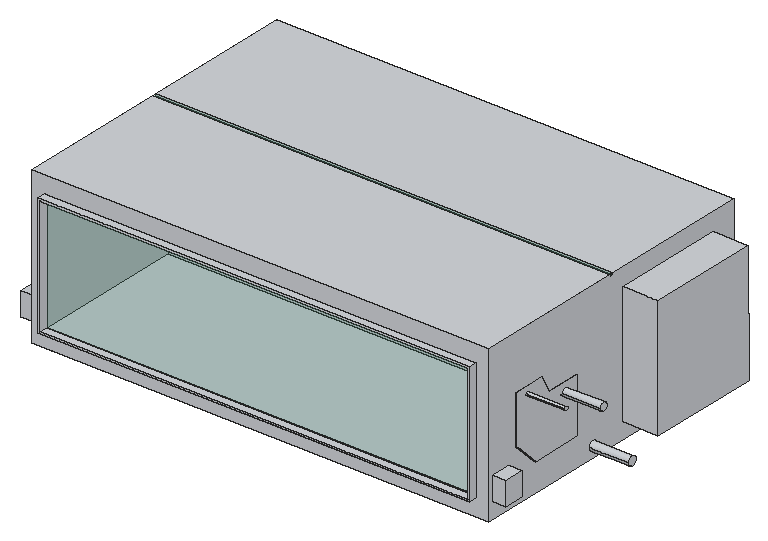
Revit family "EU_VRF_IDU_OAP_DUCT_M", category Mechanical Equipment, Revit 2015
Parameters (values of type "28.00 kW, 220-240V, BIG DUCT")
  Voltage [instance] = "220~240 V"
  URL = "www.samsung.com"
  Total Heating Capacity [instance] = 17.4 W
  Total Cooling Capacity [instance] = 28 W
  System Served [instance] = ""
  Supply Air Connection Width [instance] = 0.00 mm
  Supply Air Connection Offset Bottom [instance] = 0.00 mm
  Supply Air Connection Height [instance] = 0.00 mm
  Subscribe for Update Alerts [instance] = ""
  Sound Pressure Middle [instance] = ""
  Sound Pressure Low [instance] = ""
  Sound Pressure High [instance] = "47.00 dB(A)"
  Sound Power Cooling [instance] = "69.00 dB(A)"
  Serial Number [instance] = ""
  Sensible Cooling Capacity [instance] = 0 W
  Sales Rep Locator [instance] = ""
  Return Air Connection Width [instance] = 0.00 mm
  Return Air Connection Offset Bottom [instance] = 0.00 mm
  Return Air Connection Height [instance] = 0.00 mm
  Refrigerant Type [instance] = "R410A"
  Refrigerant Suction Gas Connection Radius [instance] = 11.11 mm
  Refrigerant Suction Gas Connection Offset Left [instance] = 0.00 mm
  Refrigerant Suction Gas Connection Offset Bottom [instance] = 0.00 mm
  Refrigerant Suction Gas Connection Diameter [instance] = 22.22 mm
  Refrigerant Liquid Connection Radius [instance] = 4.76 mm
  Refrigerant Liquid Connection Offset Left [instance] = 0.00 mm
  Refrigerant Liquid Connection Offset Bottom [instance] = 0.00 mm
  Refrigerant Liquid Connection Diameter [instance] = 9.52 mm
  Product Page URL [instance] = ""
  Product Documentation Link [instance] = ""
  Power Supply [instance] = "50 Hz"
  Power Input Heating [instance] = 600 W
  Power Input Cooling [instance] = 600 W
  Power Connection Offset Left [instance] = 0.00 mm
  Power Connection Offset Bottom [instance] = 0.00 mm
  Phase [instance] = 1
  Panel model [instance] = ""
  Panel Net Weight(kg) [instance] = ""
  Panel Net Dimensions Width [instance] = 0.00 mm
  Panel Net Dimensions Height [instance] = 0.00 mm
  Panel Net Dimensions Depth [instance] = 0.00 mm
  Number of poles [instance] = ""
  Notes [instance] = ""
  Net Weight(kg) [instance] = "81.50 kg"
  Net Dimensions Width [instance] = 1360.00 mm
  Net Dimensions Height [instance] = 460.00 mm
  Net Dimensions Depth [instance] = 910.00 mm
  Motor Ouput [instance] = 630 W
  Model = "AM280MNEPEH/EU"
  Maximum Rated Over Protection Device [instance] = "Fuse"
  Manufacturer Metadata [instance] = ""
  Manufacturer = "SAMSUNG"
  Location [instance] = ""
  Liquid Pipe [instance] = 9.52 mm
  Heating Leaving Dry Bulb Temperature [instance] = 0 °C
  Heating Entering Dry Bulb Temperature [instance] = 7 °C
  Free Content Downloads [instance] = ""
  Family Load Status [instance] = "Valid - Type loaded via type catalog"
  External Static Pressure [instance] = "20.40 mmaq"
  Equipment Finish [instance] = Molded case
  Drain Pipe [instance] = 25.00 mm
  Designation [instance] = ""
  Design Heating Air Flow Minimum [instance] = "0.00 CMM"
  Design Heating Air Flow Maximum [instance] = "0.00 CMM"
  Design Cooling Air Flow Minimum [instance] = "0.00 CMM"
  Design Cooling Air Flow Maximum [instance] = "35.00 CMM"
  Design Ambient Winter Wet Bulb Temperature [instance] = 6 °C
  Design Ambient Winter Dry Bulb Temperature [instance] = 7 °C
  Design Ambient Summer Dry Bulb Temperature [instance] = 35 °C
  Decoration Panel Finish [instance] = Ivory
  Current Input Heating [instance] = 4.6 A
  Current Input Cooling [instance] = 4.6 A
  Cooling Leaving Wet Bulb Temperature [instance] = 0 °C
  Cooling Leaving Dry Bulb Temperature [instance] = 0 °C
  Cooling Entering Wet Bulb Temperature [instance] = 27 °C
  Cooling Entering Dry Bulb Temperature [instance] = 35 °C
  Conduit for power supply & communication wiring [instance] = "0.00 mm"
  Condensate Drain Connection Radius [instance] = 12.50 mm
  Condensate Drain Connection Offset left [instance] = 0.00 mm
  Condensate Drain Connection Offset Bottom [instance] = 0.00 mm
  Condensate Drain Connection Diameter [instance] = 25.00 mm
  Clearance Type [instance] = Include Clearance : Include Clearance
  Clearance Offset Top [instance] = 0.00 mm
  Clearance Offset Right [instance] = 0.00 mm
  Clearance Offset Left [instance] = 0.00 mm
  Clearance Offset Front [instance] = 0.00 mm
  Clearance Offset Bottom [instance] = 0.00 mm
  Clearance Offset Back [instance] = 0.00 mm
  Actual Ventilation Air Flow [instance] = "0.00 CMM"
  Actual Supply Air Flow [instance] = "0.00 CMM"
  Actual Return Air Flow [instance] = "0.00 CMM"
  Actual Air Flow Imbalance [instance] = "0.00 CMM"
Types (3, lengths in mm): name | Total Heating Capacity | Total Cooling Capacity | Sound Pressure High | Sound Power Cooling | Refrigerant Suction Gas Connection Radius | Refrigerant Suction Gas Connection Diameter | Refrigerant Liquid Connection Diameter | Power Input Heating | Power Input Cooling | Model | External Static Pressure | Design Cooling Air Flow Maximum | Current Input Heating | Current Input Cooling
  (no name) | 17.4 W | 28 W | "47.00 dB(A)" | "69.00 dB(A)" | 11.11 | 22.22 | 9.52 | 600 W | 600 W | "AM280MNEPEH/EU" | "20.40 mmaq" | "35.00 CMM" | 4.6 A | 4.6 A
  22.40 kW, 220-240V, BIG DUCT | 13.9 W | 22.4 W | "46.00 dB(A)" | "66.00 dB(A)" | 9.53 | 19.05 | 9.53 | 450 W | 450 W | "AM220MNEPEH/EU" | "18.40 mmaq" | "28.00 CMM" | 3.5 A | 3.5 A
  28.00 kW, 220-240V, BIG DUCT | 17.4 W | 28 W | "47.00 dB(A)" | "69.00 dB(A)" | 11.11 | 22.22 | 9.52 | 600 W | 600 W | "AM280MNEPEH/EU" | "20.40 mmaq" | "35.00 CMM" | 4.6 A | 4.6 A
Reference planes
  plane 1 "중심(앞/뒤)": y = 0
  plane 2: z = 0
  plane 3 "중심(왼쪽/오른쪽)": x = 0
  plane 4: x = 680
  plane 5: x = -680
  plane 6: y = 455
  plane 7: y = -455
  plane 8: z = 460
  plane 9: y = 446
  plane 10: y = 361
  plane 11: x = 722.5
  plane 12: y = -386
  plane 13: y = -446
  plane 14: x = -722.5
  plane 15: z = 410
  plane 16: z = 50
  plane 17: x = 642
  plane 18: x = -642
  plane 19: x = 642
  plane 20: x = -642
  plane 21: z = 410
  plane 22: z = 50
  plane 23: y = 5
  plane 24: y = -5
  plane 25: y = 40
  plane 26: y = 375
  plane 27: z = 410
  plane 28: z = 50
  plane 29: z = 283.7
  plane 30: z = 226.7
  plane 31: z = 35
  plane 32: y = -46.66
  plane 33: y = -153.285
  plane 34: y = -292.888
Forms (mm)
  Extrusion 1, solid
    sketch origin (0, 0, 0) x (1, 0, 0) y (0, 1, 0)
      loop
        line (-680, 455) -> (-680, -455) -> (680, -455) -> (680, 455) -> (-680, 455)
    from 0 to 460
  Extrusion 2, solid
    sketch origin (0, 0, 0) x (1, 0, 0) y (0, 1, 0)
      loop
        line (680, 446) -> (680, 386) -> (722.5, 386) -> (722.5, 446) -> (680, 446)
      loop
        line (680, -386) -> (680, -446) -> (722.5, -446) -> (722.5, -386) -> (680, -386)
      loop
        line (-680, 446) -> (-722.5, 446) -> (-722.5, 361) -> (-680, 361) -> (-680, 446)
      loop
        line (-680, -386) -> (-722.5, -386) -> (-722.5, -446) -> (-680, -446) -> (-680, -386)
    from 50 to 120
  Extrusion 3, solid
    sketch origin (680, -455, 0) x (-1, 0, 0) y (0, 0, -1)
      loop
        line (1322, -410) -> (1322, -50) -> (38, -50) -> (38, -410) -> (1322, -410)
      loop
        line (1317, -405) -> (1317, -55) -> (43, -55) -> (43, -405) -> (1317, -405)
    from 0 to 25
  Extrusion 4, void
    sketch origin (680, -455, 0) x (1, 0, 0) y (0, 0, -1)
      loop
        line (-1317, -405) -> (-43, -405) -> (-43, -55) -> (-1317, -55) -> (-1317, -405)
    from -25 to 450
  Extrusion 5, solid
    sketch origin (-680, 455, 0) x (1, 0, 0) y (0, 0, -1)
      loop
        line (1322, -410) -> (1322, -50) -> (38, -50) -> (38, -410) -> (1322, -410)
      loop
        line (1317, -405) -> (1317, -55) -> (43, -55) -> (43, -405) -> (1317, -405)
    from 0 to 25
  Extrusion 6, void
    sketch origin (0, 0, 460) x (0, 1, 0) y (1, 0, 0)
      loop
        line (5, -680) -> (5, 680) -> (-5, 680) -> (-5, -680) -> (5, -680)
    from 0 to 5
  Extrusion 7, void
    sketch origin (-680, 455, 0) x (-1, 0, 0) y (0, 0, -1)
      loop
        line (-1317, -405) -> (-43, -405) -> (-43, -55) -> (-1317, -55) -> (-1317, -405)
    from 450 to -25
  Extrusion 8, solid
    sketch origin (680, 455, 0) x (0, -1, 0) y (0, 0, -1)
      loop
        line (415, -410) -> (415, -50) -> (80, -50) -> (80, -410) -> (415, -410)
    from 0 to 108
  Extrusion 9, solid
    sketch origin (680, 455, 0) x (0, -1, 0) y (0, 0, -1)
      loop
        line (812.288, -302.069) -> (812.288, -157.069) -> (742.288, -87.069) -> (587.288, -87.069) -> (587.288, -252.222) -> (694.044, -252.222) -> (717.288, -302.069) -> (812.288, -302.069)
    from 0 to 4
  Extrusion 10, solid
    sketch origin (680, 455, 0) x (0, -1, 0) y (0, 0, -1)
      loop
        circle (526.66, -35) r 12.5
    from 0 to 120
  Extrusion 11, solid
    sketch origin (680, 455, 0) x (0, -1, 0) y (0, 0, -1)
      loop
        circle (772.888, -283.7) r 4.76
    from 0 to 120
  Extrusion 12, solid
    sketch origin (680, 455, 0) x (0, -1, 0) y (0, 0, -1)
      loop
        circle (633.285, -226.7) r 11.11
    from 0 to 120
Cuts and joins
  Extrusion 4, Extrusion 6, Extrusion 7 cuts Extrusion 1
  Extrusion 7 cuts Extrusion 5
Dimensions and locks
  equal spacing: plane 7, plane 1 "중심(앞/뒤)", plane 6
  "Net Dimensions Depth": plane 7 to plane 6
  equal spacing: plane 5, plane 3 "중심(왼쪽/오른쪽)", plane 4
  "Net Dimensions Width": plane 5 to plane 4
  "Net Dimensions Height": plane 8 to plane 2
  Extrusion 2 sketch curve to plane 6 = 69.00 mm
  locked: plane 4 to plane 11 at 42.5
  locked: plane 9 to plane 6 at 9
  locked: plane 12 to plane 13 at 60
  locked: plane 7 to plane 13 at 9
  locked: plane 14 to plane 5 at 42.5
  locked: plane 18 to plane 5 at 38
  locked: plane 4 to plane 17 at 38
  locked: plane 8 to plane 15 at 50
  locked: plane 16 to plane 2 at 50
  locked: plane 4 to plane 19 at 38
  locked: plane 20 to plane 5 at 38
  locked: plane 21 to plane 8 at 50
  locked: plane 2 to plane 22 at 50
  locked: plane 1 "중심(앞/뒤)" to plane 23 at 5
  locked: plane 24 to plane 1 "중심(앞/뒤)" at 5
  locked: plane 8 to plane 27 at 50
  locked: plane 28 to plane 2 at 50
  locked: plane 1 "중심(앞/뒤)" to plane 25 at 40
  locked: plane 26 to plane 6 at 80
  plane 31 to plane 2 = 35.00 mm
  plane 30 to plane 2 = 226.70 mm
  plane 29 to plane 2 = 283.70 mm
  "Drain Pipe": diameter of Extrusion 10 sketch curve
  "Liquid Pipe": diameter of Extrusion 11 sketch curve
  aligned and locked: level to plane 2
  aligned and locked: plane 6 to Extrusion 1 sketch curve
  aligned and locked: Extrusion 1 sketch curve to plane 4
  aligned and locked: plane 5 to Extrusion 1 sketch curve
  aligned and locked: Extrusion 1 sketch curve to plane 7
  aligned and locked: plane 8 to Extrusion 1
  aligned and locked: Extrusion 1 to plane 2
  aligned and locked: Extrusion 2 sketch curve to plane 11  (x2)
  aligned and locked: Extrusion 2 sketch curve to plane 9
  aligned and locked: Extrusion 1 to Extrusion 2 sketch curve  (x2)
  aligned and locked: Extrusion 2 sketch curve to plane 12
  aligned and locked: plane 13 to Extrusion 2 sketch curve
  aligned and locked: Extrusion 2 sketch curve to Extrusion 1  (x2)
  aligned and locked: plane 9 to Extrusion 2 sketch curve
  aligned and locked: Extrusion 2 sketch curve to plane 10
  aligned and locked: Extrusion 2 sketch curve to plane 14  (x2)
  aligned and locked: plane 12 to Extrusion 2 sketch curve
  aligned and locked: Extrusion 2 sketch curve to plane 13
  aligned and locked: plane 18 to Extrusion 3 sketch curve
  aligned and locked: Extrusion 3 sketch curve to plane 17
  aligned and locked: Extrusion 3 sketch curve to plane 15
  aligned and locked: plane 16 to Extrusion 3 sketch curve
  aligned and locked: Extrusion 3 to Extrusion 4 sketch curve
  aligned and locked: Extrusion 4 sketch curve to Extrusion 3  (x3)
  aligned and locked: Extrusion 5 sketch curve to plane 21
  aligned and locked: plane 19 to Extrusion 5 sketch curve
  aligned and locked: plane 22 to Extrusion 5 sketch curve
  aligned and locked: Extrusion 5 sketch curve to plane 20
  aligned and locked: Extrusion 6 sketch curve to plane 4
  aligned and locked: plane 5 to Extrusion 6 sketch curve
  aligned and locked: Extrusion 6 sketch curve to plane 23
  aligned and locked: plane 24 to Extrusion 6 sketch curve
  aligned and locked: cut or joined group of Extrusion 1, Extrusion 4, Extrusion 6, Extrusion 7 to cut or joined group of Extrusion 1, Extrusion 4, Extrusion 6, Extrusion 7  (x2)
  aligned and locked: Extrusion 5 to Extrusion 7 sketch curve  (x3)
  aligned and locked: Extrusion 7 sketch curve to Extrusion 5
  aligned and locked: Extrusion 8 sketch curve to plane 26
  aligned and locked: plane 28 to Extrusion 8 sketch curve
  aligned and locked: plane 25 to Extrusion 8 sketch curve
  aligned and locked: Extrusion 8 sketch curve to plane 27
  aligned and locked: plane 1 "중심(앞/뒤)" to nested 1
  aligned and locked: plane 3 "중심(왼쪽/오른쪽)" to nested 1
  aligned and locked: plane 1 "중심(앞/뒤)" to nested 2
  aligned and locked: nested 2 to nested 1
Automatic sketch dimensions
  Extrusion 3 sketch curve to Extrusion 3 sketch curve = 5.00 mm  (x4)
  Extrusion 5 sketch curve to Extrusion 5 sketch curve = 5.00 mm  (x4)
  Extrusion 1 to Extrusion 9 sketch curve = 87.069 mm
  Extrusion 1 to Extrusion 9 sketch curve = 322.712 mm
  Extrusion 9 sketch curve to Extrusion 9 sketch curve = 106.756 mm
  Extrusion 1 to Extrusion 9 sketch curve = 97.712 mm
  Extrusion 9 sketch curve to Extrusion 9 sketch curve = 165.153 mm
  Extrusion 9 sketch curve to Extrusion 9 sketch curve = 23.244 mm
  Extrusion 9 sketch curve to Extrusion 9 sketch curve = 70.00 mm  (x2)
  Extrusion 9 sketch curve to Extrusion 9 sketch curve = 49.847 mm
  Extrusion 1 to Extrusion 12 sketch curve = 276.715 mm
  Extrusion 1 to Extrusion 12 sketch curve = 226.70 mm
  Extrusion 1 to Extrusion 10 sketch curve = 35.00 mm
  Extrusion 1 to Extrusion 10 sketch curve = 383.34 mm
  Extrusion 1 to Extrusion 11 sketch curve = 137.112 mm
  Extrusion 1 to Extrusion 11 sketch curve = 176.30 mm
  radius of Extrusion 12 sketch curve = 11.11 mm
Nested families
  nested 1: "Include Clearance" at (0, 0, 0), type <- "Clearance Type", type "Include Clearance"
    with Equipment Finish none, Width 910.00 mm, Length 1360.00 mm, Height 460.00 mm
  nested 2: "Do not Include Clearance" at (0, 0, 0), type "Do not Include Clearance"
    with Equipment Finish Default, Width 1360.00 mm, Height 460.00 mm, Depth 910.00 mm
Connectors
  piping at (800, -71.66, 35), diameter 25, driven by "Drain Pipe"
    settings: on Extrusion 10, index 1, connector inside diameter 609.6 mm, connector length 0.00 mm, flow factor 0, pipe flow 0.0 L/s, pressure drop 0.0 Pa, fitting loss kfactor 0, connector angle 0.00°, fixture units 0, engagement length 0.00 mm, angle of deflection 0.00°, flow configuration 0, flow direction 0, fitting loss method 0, system type 7, joint type 0, gender type 0, connector reference index -1, connector utility 0, adjustable connector no, is connector primary yes, connector description ""
  piping at (800, -317.888, 283.7), diameter 9.52, driven by "Liquid Pipe"
    settings: on Extrusion 11, index 2, connector inside diameter 609.6 mm, connector length 0.00 mm, flow factor 0, pipe flow 0.0 L/s, pressure drop 0.0 Pa, fitting loss kfactor 0, connector angle 0.00°, fixture units 0, engagement length 0.00 mm, angle of deflection 0.00°, flow configuration 0, flow direction 0, fitting loss method 0, system type 7, joint type 0, gender type 0, connector reference index -1, connector utility 0, adjustable connector no, is connector primary no, connector description ""
  piping at (800, -178.285, 226.7), diameter 609.6
    settings: on Extrusion 12, index 3, connector inside diameter 609.6 mm, connector length 0.00 mm, flow factor 0, pipe flow 0.0 L/s, pressure drop 0.0 Pa, fitting loss kfactor 0, connector angle 0.00°, fixture units 0, engagement length 0.00 mm, angle of deflection 0.00°, flow configuration 0, flow direction 0, fitting loss method 0, system type 7, joint type 0, gender type 0, connector reference index -1, connector utility 0, adjustable connector no, is connector primary no, connector description ""
Definition of nested family "Include Clearance"
  Parameters (values of type "Include Clearance")
    Width = 253.00 mm
    URL = ""
    Manufacturer = ""
    Length = 1280.00 mm
    Height = 345.00 mm
    Equipment Finish [instance] = none
    Copyright © = ""
    Clearance Offset Top = 0.00 mm
    Clearance Offset Right = 0.00 mm
    Clearance Offset Left = 0.00 mm
    Clearance Offset Front = 0.00 mm
    Clearance Offset Bottom = 0.00 mm
    Clearance Offset Back = 0.00 mm
    Assembly Code = ""
  Reference planes
    plane 1 "Center (Front/Back)": y = 0
    plane 2 "Bottom": z = 0
    plane 3 "Center (Left/Right)": x = 0
    plane 4 "Left": x = -640
    plane 5 "Back": y = 126.5
    plane 6 "Right": x = 640
    plane 7 "Front": y = -126.5
    plane 8 "Top": z = 345
    plane 9 "Clearance Offset Right": x = 640
    plane 10 "Clearance Offset Left": x = -640
    plane 11 "Clearance Offset Back": y = 126.5
    plane 12 "Clearance Offset Front": y = -126.5
    plane 13 "Clearance Offset Top": z = 345
    plane 14: z = 0
  Forms (mm)
    Extrusion 1, solid
      sketch origin (0, 0, 0) x (1, 0, 0) y (0, 1, 0)
        loop
          line (-640, 126.5) -> (-640, -126.5) -> (640, -126.5) -> (640, 126.5) -> (-640, 126.5)
      from 0 to 345
  Lines and regions (mm)
    symbolic lines
      curve 1: line (-640, 0, 345) -> (640, 0, 345)
      curve 2: line (-640, 0, 0) -> (-640, 0, 345)
      curve 3: line (640, 0, 0) -> (-640, 0, 0)
      curve 4: line (640, 0, 345) -> (640, 0, 0)
      curve 5: line (0, 126.5, 345) -> (0, -126.5, 345)
      curve 6: line (0, 126.5, 0) -> (0, 126.5, 345)
      curve 7: line (0, -126.5, 0) -> (0, 126.5, 0)
      curve 8: line (0, -126.5, 345) -> (0, -126.5, 0)
      curve 9: line (-640, 126.5, 0) -> (640, 126.5, 0)
      curve 10: line (-640, -126.5, 0) -> (-640, 126.5, 0)
      curve 11: line (640, -126.5, 0) -> (-640, -126.5, 0)
      curve 12: line (640, 126.5, 0) -> (640, -126.5, 0)
  Text (mm)
    text "Copyright © Daikin Industries, Ltd. 2008" at (0.011, 0.009, 0), in view "Ref. Level"
  Dimensions and locks
    equal spacing: plane 4 "Left", plane 3 "Center (Left/Right)", plane 6 "Right"
    "Length": plane 4 "Left" to plane 6 "Right"
    equal spacing: plane 5 "Back", plane 1 "Center (Front/Back)", plane 7 "Front"
    "Width": plane 5 "Back" to plane 7 "Front"
    "Height": plane 8 "Top" to plane 2 "Bottom"
    "Clearance Offset Front": plane 12 "Clearance Offset Front" to plane 7 "Front"
    "Clearance Offset Back": plane 11 "Clearance Offset Back" to plane 5 "Back"
    "Clearance Offset Left": plane 10 "Clearance Offset Left" to plane 4 "Left"
    "Clearance Offset Right": plane 6 "Right" to plane 9 "Clearance Offset Right"
    "Clearance Offset Top": plane 13 "Clearance Offset Top" to plane 8 "Top"
    curve 3 to plane 14 = 0.00 mm
    "Clearance Offset Bottom": plane 2 "Bottom" to plane 14
    aligned and locked: plane 2 "Bottom" to level
    aligned and locked: plane 9 "Clearance Offset Right" to Extrusion 1 sketch curve
    aligned and locked: Extrusion 1 sketch curve to plane 11 "Clearance Offset Back"
    aligned and locked: plane 10 "Clearance Offset Left" to Extrusion 1 sketch curve
    aligned and locked: Extrusion 1 sketch curve to plane 12 "Clearance Offset Front"
    aligned and locked: curve 9 to Extrusion 1  (x2)
    aligned and locked: Extrusion 1 to curve 12
    aligned and locked: curve 12 to Extrusion 1
    aligned and locked: plane 13 "Clearance Offset Top" to Extrusion 1
    aligned and locked: Extrusion 1 to plane 14
    aligned and locked: Extrusion 1 to plane 10 "Clearance Offset Left"
    aligned and locked: Extrusion 1 to plane 9 "Clearance Offset Right"  (x2)
    aligned and locked: Extrusion 1 to plane 13 "Clearance Offset Top"  (x2)
    aligned and locked: plane 14 to Extrusion 1  (x2)
    aligned and locked: curve 1 to plane 13 "Clearance Offset Top"
    aligned and locked: plane 9 "Clearance Offset Right" to curve 4
    aligned and locked: plane 10 "Clearance Offset Left" to curve 2
    aligned and locked: plane 14 to curve 3
    aligned and locked: plane 10 "Clearance Offset Left" to Extrusion 1  (x2)
    aligned and locked: curve 8 to plane 12 "Clearance Offset Front"
    aligned and locked: curve 5 to plane 13 "Clearance Offset Top"
    aligned and locked: curve 6 to plane 11 "Clearance Offset Back"
    aligned and locked: plane 14 to curve 7
Definition of nested family "Do not Include Clearance"
  Parameters (values of type "Do not Include Clearance")
    Width = 826.00 mm
    URL = ""
    Manufacturer = ""
    Height = 261.00 mm
    Equipment Finish [instance] = none
    Depth = 261.00 mm
    Copyright © = ""
    Clearance Offset Top = 0.00 mm
    Clearance Offset Right = 0.00 mm
    Clearance Offset Left = 0.00 mm
    Clearance Offset Front = 0.00 mm
    Clearance Offset Bottom = 0.00 mm
    Clearance Offset Back = 0.00 mm
    Assembly Code = ""
  Reference planes
    plane 1 "Center (Front/Back)": y = 0
    plane 2 "Bottom": z = 0
    plane 3 "Center (Left/Right)": x = 0
    plane 4 "Left": x = -413
    plane 5 "Back": y = 130.5
    plane 6 "Right": x = 413
    plane 7 "Front": y = -130.5
    plane 8 "Top": z = 261
    plane 9 "Clearance Offset Right": x = 413
    plane 10 "Clearance Offset Left": x = -413
    plane 11 "Clearance Offset Back": y = 130.5
    plane 12 "Clearance Offset Front": y = -130.5
    plane 13 "Clearance Offset Top": z = 261
    plane 14: z = 0
  Lines and regions (mm)
    symbolic lines
      curve 1: line (-413, 0, 261) -> (413, 0, 261)
      curve 2: line (-413, 0, 0) -> (-413, 0, 261)
      curve 3: line (413, 0, 0) -> (-413, 0, 0)
      curve 4: line (413, 0, 261) -> (413, 0, 0)
      curve 5: line (0, 130.5, 261) -> (0, -130.5, 261)
      curve 6: line (0, 130.5, 0) -> (0, 130.5, 261)
      curve 7: line (0, -130.5, 0) -> (0, 130.5, 0)
      curve 8: line (0, -130.5, 261) -> (0, -130.5, 0)
      curve 9: line (-413, 130.5, 0) -> (413, 130.5, 0)
      curve 10: line (-413, -130.5, 0) -> (-413, 130.5, 0)
      curve 11: line (413, -130.5, 0) -> (-413, -130.5, 0)
      curve 12: line (413, 130.5, 0) -> (413, -130.5, 0)
  Text (mm)
    text "Copyright © Daikin Industries, Ltd. 2008" at (0.011, 0.009, 0), in view "Ref. Level"
  Dimensions and locks
    equal spacing: plane 4 "Left", plane 3 "Center (Left/Right)", plane 6 "Right"
    "Width": plane 4 "Left" to plane 6 "Right"
    equal spacing: plane 5 "Back", plane 1 "Center (Front/Back)", plane 7 "Front"
    "Depth": plane 5 "Back" to plane 7 "Front"
    "Height": plane 8 "Top" to plane 2 "Bottom"
    "Clearance Offset Front": plane 12 "Clearance Offset Front" to plane 7 "Front"
    "Clearance Offset Back": plane 11 "Clearance Offset Back" to plane 5 "Back"
    "Clearance Offset Left": plane 10 "Clearance Offset Left" to plane 4 "Left"
    "Clearance Offset Right": plane 6 "Right" to plane 9 "Clearance Offset Right"
    "Clearance Offset Top": plane 13 "Clearance Offset Top" to plane 8 "Top"
    curve 3 to plane 14 = 0.00 mm
    "Clearance Offset Bottom": plane 2 "Bottom" to plane 14
    aligned and locked: plane 2 "Bottom" to level
    aligned and locked: curve 1 to plane 13 "Clearance Offset Top"
    aligned and locked: plane 9 "Clearance Offset Right" to curve 4
    aligned and locked: plane 10 "Clearance Offset Left" to curve 2
    aligned and locked: plane 14 to curve 3
    aligned and locked: curve 8 to plane 12 "Clearance Offset Front"
    aligned and locked: curve 5 to plane 13 "Clearance Offset Top"
    aligned and locked: curve 6 to plane 11 "Clearance Offset Back"
    aligned and locked: plane 14 to curve 7
  Automatic sketch dimensions
    plane 7 "Front" to curve 11 = 0.00 mm
    curve 11 to plane 10 "Clearance Offset Left" = 0.00 mm
    curve 11 to plane 9 "Clearance Offset Right" = 0.00 mm
    curve 10 to plane 5 "Back" = 0.00 mm
